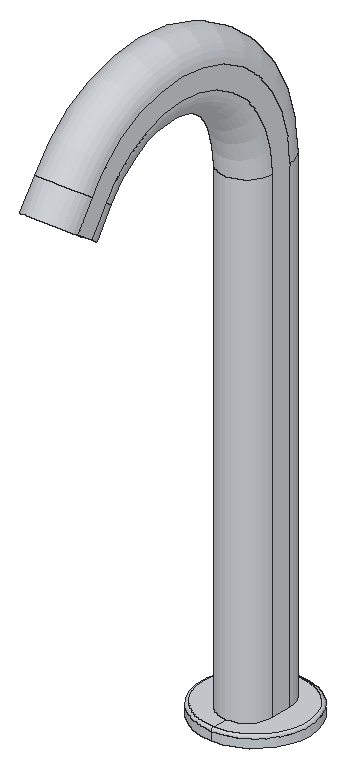
Revit family "Faucet_Touchless-Lavatory-KOHLER-Oblo_Tall-K-103B86_1", category Plumbing Fixtures, host Face, Revit 2017
Family settings
  Host = Face
  Round Connector Dimension = Use Diameter
  Part Type = Normal
  OmniClass Number = 23.31.11.00
  Cut with Voids When Loaded = No
  Shared = No
  Room Calculation Point = No
Parameters (values of type "CP-Polished Chrome")
  Width = 2 5/16"  # constant formula
  WaterSense Certified = 1 = 0  # no
  Waste Water Outlet = "Waste Water Outlet"  # constant formula
  Waste Connection = 1 = 0  # no
  Voltage = 120 V  # constant formula
  Vent Connection = 1 = 0  # no
  URL = "https://www.us.kohler.com/us/"
  Tempered Water Inlet = "Tempered Water Inlet"  # constant formula
  Spout Reach = 5 3/16"  # constant formula
  Product Page URL = "http://www.us.kohler.com/us/catalog/productDetails.jsp?productNumber=103B86-SANA"
  Product Name = "Oblo Tall"  # constant formula
  Product Documentation Link = "https://www.us.kohler.com/webassets/kpna/catalog/pdf/en/K-103B86-SANA_spec.pdf"
  Pressure = 60.00 psi  # constant formula
  Model = "K-103B86-SANA-CP"  # constant formula
  Material = "Brass Construction"  # constant formula
  MasterFormat 2004 = "22.41.39"  # constant formula
  MasterFormat 1995 = "15410"  # constant formula
  Manufacturer Address = "444 Highland Dr, Kohler, WI 53044"  # constant formula
  Manufacturer = "KOHLER Co."  # constant formula
  Length = Spout Reach  # 5 3/16"
  Hot Water Inlet = "Hot Water Inlet"  # constant formula
  Height = 13 7/8"  # constant formula
  HW Connection = 1 = 1  # yes
  Flow Rate = 0.5 GPM  # constant formula
  Finish = Kohler-Metal-CP-Polished_Chrome
  Environmental Product Declaration = ""
  Electrical Note = "One dedicated circuit required, protected with Class A Ground-Fault Circuit-Interrupter (GFCI). Outside North America, this device may be known as a Residual Current Device (RCD)"  # constant formula
  Electrical Connector = 1 = 1  # yes
  Drain Included = 1 = 1  # yes
  Description = "Touchless faucet with Kinesis sensor technology, AC-powered"  # constant formula
  Default Elevation = 36"
  Declare Label = ""
  Date Modified = "01/08/2020"  # constant formula
  Date Created = "01/08/2020"  # constant formula
  Copyright = "Copyright KOHLER Co."  # constant formula
  Contact Us = "https://www.us.kohler.com/us/static/contact.jsp"
  Cold Water Inlet = "Cold Water Inlet"  # constant formula
  CW Connection = 1 = 0  # no
  Assembly Code = "D2010"
  Apparent Load = 15 A * Voltage  # 1800 VA
  ADA Compliant = 1 = 1  # yes
Reference planes (in)
  plane 1 "Center (Front/Back)": y = 0
  plane 2: z = 0
  plane 3 "Center (Left/Right)": x = 0
  plane 4: x = -1.15625
  plane 5: x = 1.15625
  plane 6: y = 1.15625
  plane 7: y = -1.15625
  plane 8: y = -5.1875
  plane 9: z = 13.875
  plane 10: z = 0.23622
  plane 11: z = 11.4375
  plane 12: y = -5.82161
  plane 13: x = -0.55118
  plane 14: x = 0.55118
  plane 15: y = 0.77357
Dimensions and locks (in)
  "Width": plane 4 to plane 5
  locked: plane 7 to plane 6 at 2.3125
  "Length": plane 8 to plane 1 "Center (Front/Back)"
  "Height": plane 9 to plane 2
  locked: level to plane 11 at 11.4375
  "Spout Reach": plane 1 "Center (Front/Back)" to plane 8
  aligned and locked: plane 2 to host face
  aligned and locked: level to host face
Automatic sketch dimensions
  host sketch curve to host sketch curve = 96"  (x2)
Nested families (in)
  nested 1: "K-103B86" at (0, 0, 0), type "K-103B86"
Connectors (in)
  piping at (0, 0, 0), diameter 0.375, driven by "Flow Rate", driven by "Pressure", driven by "HW Connection", driven by "Tempered Water Inlet"
    settings: on nested 1, index 1, connector inside diameter 24", connector length 0", flow factor 0, pipe flow 0.5 GPM, pressure drop 60.00 psi, fitting loss kfactor 0, connector angle 0.00°, fixture units 0, engagement length 0", angle of deflection 0.00°, flow configuration 1, flow direction 1, fitting loss method 4, system type 19, joint type 0, gender type 0, connector reference index -1, connector utility 1, adjustable connector no, is connector primary yes, connector description "Tempered Water Inlet"
  electrical at (0, 0.77357, 0), driven by "Voltage", driven by "Apparent Load", driven by "Electrical Connector", driven by "Electrical Note"
    settings: on nested 1, index 3, voltage 120 V, apparent load 1800 VA, apparent load phase1 0 VA, apparent load phase2 0 VA, apparent load phase3 0 VA, power factor 1, load classification "Other", number of poles 1, system type 30, power factor state 1, is connector primary yes, connector utility yes, sub classification motor no, connector description "One dedicated circuit required, protected with Class A Ground-Fault Circuit-Interrupter (GFCI). Outside North America, this device may be known as a Residual Current Device (RCD)"
Definition of nested family "K-103B86"
  Parameters (values of type "K-103B86")
    Material = none
  Reference planes (in)
    plane 1 "Center (Front/Back)": y = 0
    plane 2: z = 0
    plane 3 "Center (Left/Right)": x = 0
    plane 4: x = -1.15625
    plane 5: x = 1.15625
    plane 6: y = 1.15625
    plane 7: y = -1.15625
    plane 8: z = 13.875
    plane 9: y = -5.1875
    plane 10: z = 11.4375
    plane 11: y = 0.77357
    plane 12: y = -0.77357
    plane 13: z = 0.23622
    plane 14: y = -5.82121
    plane 15: x = -0.55118
    plane 16: x = 0.55118
  Forms (in)
    Revolve 1, solid, material <- "Material", detail levels medium+fine
      sketch origin (0, 0, 0) x (0, 1, 0) y (0, 0, 1)
        loop
          line (1.15625, 0) -> (1.15625, 0.17964)
          arc (1.15625, 0.17964) -> (1.13968, 0.21965) -> (1.09967, 0.23622) r 0.05658
          line (1.09967, 0.23622) -> (0, 0.23622) -> (0, 0) -> (1.15625, 0)
        axis (0, 0) -> (0, 0.23622)
      angle from 0 to 360
    Sweep 2, solid, material <- "Material", detail levels medium+fine
      path origin (0, 0, -0.04004) x (0, 1, 0) y (0, 0, 1)
        loop
          line (0, 0.27706) -> (0, 10.5154)
          arc (0, 10.5154) -> (-1.84846, 13.03639) -> (-4.80861, 12.03155) r 2.64332
          line (-4.80861, 12.03155) -> (-5.1875, 11.49044)
      profile origin (0, 0, 5.35619) x (0, -1, 0) y (1, 0, 0)
        loop
          spline (0.22638, -0.55118) -> (0.36802, -0.53239) -> (0.50001, -0.47732) -> (0.61335, -0.3897) -> (0.70031, -0.27552) -> (0.75496, -0.14256) -> (0.77357, 0.00012) -> (0.75489, 0.14279) -> (0.70018, 0.27573) -> (0.61318, 0.38987) -> (0.4998, 0.47744) -> (0.36779, 0.53246) -> (0.22613, 0.55118)
          line (0.22613, 0.55118) -> (-0.22638, 0.55118)
          spline (-0.22638, 0.55118) -> (-0.368, 0.5324) -> (-0.49998, 0.47734) -> (-0.6133, 0.38974) -> (-0.70026, 0.27559) -> (-0.75493, 0.14266) -> (-0.77358, 0) -> (-0.75493, -0.14266) -> (-0.70026, -0.27559) -> (-0.6133, -0.38974) -> (-0.49998, -0.47734) -> (-0.368, -0.5324) -> (-0.22638, -0.55118)
          line (-0.22638, -0.55118) -> (0.22638, -0.55118)
    Extrusion 3, solid, material <- "Material", detail levels coarse
      sketch origin (0, 0, 0) x (1, 0, 0) y (0, 1, 0)
        loop
          circle (0, 0) r 1.15625
      from 0 to 0.23622
    Sweep 4, solid, material <- "Material", detail levels coarse
      path origin (0, 0, -0.0166) x (0, 1, 0) y (0, 0, 1)
        loop
          line (0, 0.22048) -> (0, 10.47048)
          arc (0, 10.47048) -> (-1.8532, 12.99792) -> (-4.82093, 11.99051) r 2.6501
          line (-4.82093, 11.99051) -> (-5.1875, 11.467)
      profile origin (0, 0, 5.32887) x (0, -1, 0) y (1, 0, 0)
        loop
          spline (0.77362, 0) -> (0.74726, 0.14266) -> (0.66997, 0.27559) -> (0.54703, 0.38974) -> (0.38681, 0.47734) -> (0.20023, 0.5324) -> (0, 0.55118) -> (-0.20023, 0.5324) -> (-0.38681, 0.47734) -> (-0.54703, 0.38974) -> (-0.66997, 0.27559) -> (-0.74726, 0.14266) -> (-0.77362, 0)
          spline (-0.77362, 0) -> (-0.74726, -0.14266) -> (-0.66997, -0.27559) -> (-0.54703, -0.38974) -> (-0.38681, -0.47734) -> (-0.20023, -0.5324) -> (0, -0.55118) -> (0.20023, -0.5324) -> (0.38681, -0.47734) -> (0.54703, -0.38974) -> (0.66997, -0.27559) -> (0.74726, -0.14266) -> (0.77362, 0)
    Extrusion 5, void
      sketch origin (0, -5.1875, 11.4504) x (1, 0, 0) y (0, -0.819152, 0.573576)
        loop
          circle (0, 0.08619) r 0.5
        loop
          circle (0, 0.08619) r 0.48516
        loop
          circle (0, 0.08619) r 0.41777
      from -0.10741 to 0.12297
    Extrusion 6, solid, detail levels medium+fine
      sketch origin (0, -5.1875, 11.4504) x (1, 0, 0) y (0, -0.819152, 0.573576)
        loop
          arc (-0.04957, 0.25238) -> (-0.14428, 0.21801) -> (-0.22139, 0.15318) r 0.2885
          line (-0.22139, 0.15318) -> (-0.1868, 0.13321) -> (-0.23635, 0.04739) -> (-0.27094, 0.06737)
          arc (-0.27094, 0.06737) -> (-0.28853, -0.03184) -> (-0.27094, -0.13104) r 0.2885
          line (-0.27094, -0.13104) -> (-0.23635, -0.11107) -> (-0.1868, -0.19688) -> (-0.22139, -0.21685)
          arc (-0.22139, -0.21685) -> (-0.14428, -0.28169) -> (-0.04957, -0.31606) r 0.2885
          line (-0.04957, -0.31606) -> (-0.04957, -0.27611) -> (0.04952, -0.27611) -> (0.04952, -0.31606)
          arc (0.04952, -0.31606) -> (0.14423, -0.28169) -> (0.22134, -0.21685) r 0.2885
          line (0.22134, -0.21685) -> (0.18675, -0.19688) -> (0.2363, -0.11107) -> (0.27089, -0.13104)
          arc (0.27089, -0.13104) -> (0.28848, -0.03184) -> (0.27089, 0.06737) r 0.2885
          line (0.27089, 0.06737) -> (0.2363, 0.04739) -> (0.18675, 0.13321) -> (0.22134, 0.15318)
          arc (0.22134, 0.15318) -> (0.14423, 0.21801) -> (0.04952, 0.25238) r 0.2885
          line (0.04952, 0.25238) -> (0.04952, 0.21244) -> (-0.04957, 0.21244) -> (-0.04957, 0.25238)
      from -0.10741 to -0.08036
    Extrusion 7, solid, material <- "Material", detail levels medium+fine
      sketch origin (0, 0, 0) x (1, 0, 0) y (0, 1, 0)
        loop
          circle (0, 0) r 0.1875
        loop
          circle (0, 0.77357) r 0.125
      from 0 to 0.01356
  Cuts and joins
    Extrusion 5 cuts Sweep 2
    joined: Revolve 1, Sweep 2
    joined: Extrusion 3, Sweep 4
  Lines and regions (in)
    Masking region 1
      outline origin (0, 0, 0) x (1, 0, 0) y (0, 1, 0)
        loop
          arc (0.55118, -1.01642) -> (1.12075, 0.28432) -> (0, 1.15625) r 1.15625
          arc (0, 1.15625) -> (-1.12075, 0.28432) -> (-0.55118, -1.01642) r 1.15625
          line (-0.55118, -1.01642) -> (-0.55118, -5.37338)
          spline (-0.55118, -5.37338) -> (-0.53241, -5.48935) -> (-0.47738, -5.59743) -> (-0.38983, -5.69025) -> (-0.27574, -5.76149) -> (-0.14286, -5.80629) -> (-0.00026, -5.82161) -> (0.14237, -5.8064) -> (0.27529, -5.7617) -> (0.38947, -5.69055) -> (0.47712, -5.5978) -> (0.53228, -5.48976) -> (0.55118, -5.37379)
          line (0.55118, -5.37379) -> (0.55118, -1.01642)
    Masking region 2
      outline origin (0, 0, 0) x (1, 0, 0) y (0, 0, 1)
        loop
          line (1.15625, 0) -> (1.15625, 0.18027)
          arc (1.15625, 0.18027) -> (1.13986, 0.21983) -> (1.1003, 0.23622) r 0.05595
          line (1.1003, 0.23622) -> (0.55118, 0.23622) -> (0.55118, 13.32382)
          arc (0.55118, 13.32382) -> (0, 13.875) -> (-0.55118, 13.32382) r 0.55118
          line (-0.55118, 13.32382) -> (-0.55118, 0.23622) -> (-1.1003, 0.23622)
          arc (-1.1003, 0.23622) -> (-1.13986, 0.21983) -> (-1.15625, 0.18027) r 0.05595
          line (-1.15625, 0.18027) -> (-1.15625, 0) -> (1.15625, 0)
    Masking region 3
      outline origin (0, 0, 0) x (0, 1, 0) y (0, 0, 1)
        loop
          line (1.15625, 0) -> (1.15625, 0.18047)
          arc (1.15625, 0.18047) -> (1.13992, 0.21989) -> (1.1005, 0.23622) r 0.05575
          line (1.1005, 0.23622) -> (0.77357, 0.23622) -> (0.77357, 10.45316)
          arc (0.77357, 10.45316) -> (-1.62074, 13.71859) -> (-5.45502, 12.41703) r 3.4239
          line (-5.45502, 12.41703) -> (-5.82121, 11.88123) -> (-4.55988, 10.99804) -> (-4.18005, 11.5405)
          arc (-4.18005, 11.5405) -> (-2.08305, 12.25234) -> (-0.77357, 10.46644) r 1.87256
          line (-0.77357, 10.46644) -> (-0.77357, 0.23622) -> (-1.1005, 0.23622)
          arc (-1.1005, 0.23622) -> (-1.13992, 0.21989) -> (-1.15625, 0.18047) r 0.05575
          line (-1.15625, 0.18047) -> (-1.15625, 0) -> (1.15625, 0)
    symbolic lines, detail levels medium+fine
      curve 1: spline (-0.55118, 0.22638, 0) -> (-0.5324, 0.368, 0) -> (-0.47734, 0.49998, 0) -> (-0.38974, 0.6133, 0) -> (-0.27559, 0.70026, 0) -> (-0.14266, 0.75493, 0) -> (0, 0.77357, 0) -> (0.14266, 0.75493, 0) -> (0.27559, 0.70026, 0) -> (0.38974, 0.6133, 0) -> (0.47734, 0.49998, 0) -> (0.5324, 0.368, 0) -> (0.55118, 0.22638, 0)
      curve 2: line (-0.55118, 0.22638, 0) -> (-0.55118, -1.01642, 0)
      curve 3: line (0.55118, 0.22638, 0) -> (0.55118, -1.01642, 0)
      curve 4: line (-0.55118, 0, 0.23622) -> (0.55118, 0, 0.23622)
      curve 5: line (0, 0.77357, 0.23622) -> (0, -0.77357, 0.23622)
      curve 6: line (0, 0.30078, 0.23622) -> (0, 0.30078, 10.29809)
      curve 7: line (0, -0.30078, 0.23622) -> (0, -0.30078, 10.43401)
      curve 8: line (0, -4.94717, 11.26922) -> (0, -4.58594, 11.78512)
      curve 9: line (0, -5.43995, 11.61426) -> (0, -5.15667, 12.01882)
      curve 10: arc (0, -0.30078, 10.43401) -> (0, -1.94803, 12.68057) -> (0, -4.58594, 11.78512) r 2.35558
      curve 11: arc (0, 0.30078, 10.29809) -> (0, -1.7971, 13.15924) -> (0, -5.15667, 12.01882) r 3
      curve 12: spline (0.55118, 0, 11.58024) -> (0.5324, 0, 11.66147) -> (0.47734, 0, 11.73717) -> (0.38974, 0, 11.80217) -> (0.27559, 0, 11.85205) -> (0.14266, 0, 11.88341) -> (0, 0, 11.8941) -> (-0.14266, 0, 11.88341) -> (-0.27559, 0, 11.85205) -> (-0.38974, 0, 11.80217) -> (-0.47734, 0, 11.73717) -> (-0.5324, 0, 11.66147) -> (-0.55118, 0, 11.58024)
      curve 13: spline (-0.55118, 0, 11.32055) -> (-0.53239, 0, 11.23931) -> (-0.47732, 0, 11.1636) -> (-0.3897, 0, 11.09859) -> (-0.27552, 0, 11.04872) -> (-0.14256, 0, 11.01737) -> (0.00012, 0, 11.00669) -> (0.14279, 0, 11.01741) -> (0.27573, 0, 11.04879) -> (0.38987, 0, 11.09869) -> (0.47744, 0, 11.16372) -> (0.53246, 0, 11.23944) -> (0.55118, 0, 11.32069)
      curve 14: spline (0.5, 0, 11.49983) -> (0.48296, 0, 11.42561) -> (0.43301, 0, 11.35644) -> (0.35355, 0, 11.29704) -> (0.25, 0, 11.25147) -> (0.12941, 0, 11.22282) -> (0, 0, 11.21304) -> (-0.12941, 0, 11.22282) -> (-0.25, 0, 11.25147) -> (-0.35355, 0, 11.29704) -> (-0.43301, 0, 11.35644) -> (-0.48296, 0, 11.42561) -> (-0.5, 0, 11.49983) -> (-0.48296, 0, 11.57406) -> (-0.43301, 0, 11.64323) -> (-0.35355, 0, 11.70262) -> (-0.25, 0, 11.7482) -> (-0.12941, 0, 11.77685) -> (0, 0, 11.78662) -> (0.12941, 0, 11.77685) -> (0.25, 0, 11.7482) -> (0.35355, 0, 11.70262) -> (0.43301, 0, 11.64323) -> (0.48296, 0, 11.57406) -> (0.5, 0, 11.49983)
      curve 15: spline (0.48516, 0, 11.49983) -> (0.46863, 0, 11.57186) -> (0.42016, 0, 11.63897) -> (0.34306, 0, 11.6966) -> (0.24258, 0, 11.74083) -> (0.12557, 0, 11.76863) -> (0, 0, 11.77811) -> (-0.12557, 0, 11.76863) -> (-0.24258, 0, 11.74083) -> (-0.34306, 0, 11.6966) -> (-0.42016, 0, 11.63897) -> (-0.46863, 0, 11.57186) -> (-0.48516, 0, 11.49983) -> (-0.46863, 0, 11.42781) -> (-0.42016, 0, 11.3607) -> (-0.34306, 0, 11.30306) -> (-0.24258, 0, 11.25884) -> (-0.12557, 0, 11.23104) -> (0, 0, 11.22156) -> (0.12557, 0, 11.23104) -> (0.24258, 0, 11.25884) -> (0.34306, 0, 11.30306) -> (0.42016, 0, 11.3607) -> (0.46863, 0, 11.42781) -> (0.48516, 0, 11.49983)
      curve 16: spline (0.41777, 0, 11.49983) -> (0.40354, 0, 11.43781) -> (0.3618, 0, 11.38002) -> (0.29541, 0, 11.33039) -> (0.20889, 0, 11.29231) -> (0.10813, 0, 11.26837) -> (0, 0, 11.26021) -> (-0.10813, 0, 11.26837) -> (-0.20888, 0, 11.29231) -> (-0.29541, 0, 11.33039) -> (-0.3618, 0, 11.38002) -> (-0.40354, 0, 11.43781) -> (-0.41777, 0, 11.49983) -> (-0.40354, 0, 11.56185) -> (-0.3618, 0, 11.61964) -> (-0.29541, 0, 11.66927) -> (-0.20888, 0, 11.70735) -> (-0.10813, 0, 11.73129) -> (0, 0, 11.73946) -> (0.10813, 0, 11.73129) -> (0.20889, 0, 11.70735) -> (0.29541, 0, 11.66927) -> (0.3618, 0, 11.61964) -> (0.40354, 0, 11.56185) -> (0.41777, 0, 11.49983)
      curve 17: spline (-0.41067, 0, 11.54382) -> (-0.39909, 0, 11.51697) -> (-0.3822, 0, 11.49106) -> (-0.36021, 0, 11.46643) -> (-0.33342, 0, 11.44343) -> (-0.30218, 0, 11.42235) -> (-0.26692, 0, 11.40348) -> (-0.2281, 0, 11.38706) -> (-0.18624, 0, 11.37332) -> (-0.14189, 0, 11.36244) -> (-0.09566, 0, 11.35456) -> (-0.04815, 0, 11.34979) -> (0, 0, 11.34819)
      curve 18: spline (0, 0, 11.34819) -> (0.04815, 0, 11.34979) -> (0.09566, 0, 11.35456) -> (0.14189, 0, 11.36244) -> (0.18624, 0, 11.37332) -> (0.2281, 0, 11.38706) -> (0.26692, 0, 11.40348) -> (0.30218, 0, 11.42235) -> (0.33342, 0, 11.44343) -> (0.36021, 0, 11.46643) -> (0.3822, 0, 11.49106) -> (0.39909, 0, 11.51697) -> (0.41067, 0, 11.54382)
      curve 19: line (-0.0492, 0, 11.35743) -> (-0.0492, 0, 11.38034)
      curve 20: line (0.04988, 0, 11.38034) -> (0.04988, 0, 11.35743)
      curve 21: spline (0.22171, 0, 11.41433) -> (0.21051, 0, 11.40709) -> (0.1986, 0, 11.40023) -> (0.186, 0, 11.39379) -> (0.17278, 0, 11.38778) -> (0.15896, 0, 11.38222) -> (0.14459, 0, 11.37714) -> (0.12974, 0, 11.37255) -> (0.11444, 0, 11.36846) -> (0.09875, 0, 11.3649) -> (0.08273, 0, 11.36186) -> (0.06642, 0, 11.35937) -> (0.04988, 0, 11.35743)
      curve 22: line (0.18712, 0, 11.42579) -> (0.22171, 0, 11.41433)
      curve 23: line (0.23666, 0, 11.475) -> (0.18712, 0, 11.42579)
      curve 24: line (0.27125, 0, 11.46355) -> (0.23666, 0, 11.475)
      curve 25: spline (0.27125, 0, 11.57735) -> (0.27659, 0, 11.56817) -> (0.28098, 0, 11.55882) -> (0.28441, 0, 11.54934) -> (0.28687, 0, 11.53977) -> (0.28835, 0, 11.53013) -> (0.28885, 0, 11.52045) -> (0.28835, 0, 11.51077) -> (0.28687, 0, 11.50113) -> (0.28441, 0, 11.49156) -> (0.28098, 0, 11.48208) -> (0.27659, 0, 11.47273) -> (0.27125, 0, 11.46355)
      curve 26: line (0.23666, 0, 11.5659) -> (0.27125, 0, 11.57735)
      curve 27: line (0.18712, 0, 11.61512) -> (0.23666, 0, 11.5659)
      curve 28: spline (0.04988, 0, 11.68347) -> (0.06642, 0, 11.68153) -> (0.08273, 0, 11.67904) -> (0.09875, 0, 11.67601) -> (0.11444, 0, 11.67244) -> (0.12974, 0, 11.66835) -> (0.14459, 0, 11.66376) -> (0.15896, 0, 11.65868) -> (0.17278, 0, 11.65312) -> (0.186, 0, 11.64711) -> (0.1986, 0, 11.64067) -> (0.21051, 0, 11.63381) -> (0.22171, 0, 11.62657)
      curve 29: line (0.22171, 0, 11.62657) -> (0.18712, 0, 11.61512)
      curve 30: line (0.04988, 0, 11.68347) -> (0.04988, 0, 11.6384)
      curve 31: line (0.04988, 0, 11.6384) -> (-0.0492, 0, 11.6384)
      curve 32: line (-0.0492, 0, 11.6384) -> (-0.0492, 0, 11.68347)
      curve 33: spline (-0.22103, 0, 11.62657) -> (-0.20983, 0, 11.63381) -> (-0.19792, 0, 11.64067) -> (-0.18532, 0, 11.64711) -> (-0.17209, 0, 11.65312) -> (-0.15827, 0, 11.65868) -> (-0.14391, 0, 11.66376) -> (-0.12906, 0, 11.66835) -> (-0.11376, 0, 11.67244) -> (-0.09807, 0, 11.67601) -> (-0.08204, 0, 11.67904) -> (-0.06574, 0, 11.68153) -> (-0.0492, 0, 11.68347)
      curve 34: line (-0.18644, 0, 11.61512) -> (-0.22103, 0, 11.62657)
      curve 35: line (-0.23598, 0, 11.5659) -> (-0.18644, 0, 11.61512)
      curve 36: line (-0.27057, 0, 11.57735) -> (-0.23598, 0, 11.5659)
      curve 37: spline (-0.27057, 0, 11.46355) -> (-0.27591, 0, 11.47273) -> (-0.2803, 0, 11.48208) -> (-0.28373, 0, 11.49156) -> (-0.28619, 0, 11.50113) -> (-0.28767, 0, 11.51077) -> (-0.28816, 0, 11.52045) -> (-0.28767, 0, 11.53013) -> (-0.28619, 0, 11.53977) -> (-0.28373, 0, 11.54934) -> (-0.2803, 0, 11.55882) -> (-0.27591, 0, 11.56817) -> (-0.27057, 0, 11.57735)
      curve 38: line (-0.23598, 0, 11.475) -> (-0.27057, 0, 11.46355)
      curve 39: line (-0.18644, 0, 11.42579) -> (-0.23598, 0, 11.475)
      curve 40: line (-0.22103, 0, 11.41433) -> (-0.18644, 0, 11.42579)
      curve 41: spline (-0.0492, 0, 11.35743) -> (-0.06574, 0, 11.35937) -> (-0.08204, 0, 11.36186) -> (-0.09807, 0, 11.3649) -> (-0.11376, 0, 11.36846) -> (-0.12906, 0, 11.37255) -> (-0.14391, 0, 11.37714) -> (-0.15827, 0, 11.38222) -> (-0.17209, 0, 11.38778) -> (-0.18532, 0, 11.39379) -> (-0.19792, 0, 11.40023) -> (-0.20983, 0, 11.40709) -> (-0.22103, 0, 11.41433)
      curve 42: line (0.04988, 0, 11.38034) -> (-0.0492, 0, 11.38034)
  Dimensions and locks (in)
    plane 4 to plane 5 = 2 5/16"
    plane 8 to plane 2 = 13 7/8"
    plane 1 "Center (Front/Back)" to plane 9 = 5 3/16"
    plane 10 to plane 2 = 11 7/16"
    plane 11 to plane 12 = 1.54715"
    aligned and locked: plane 2 to level
